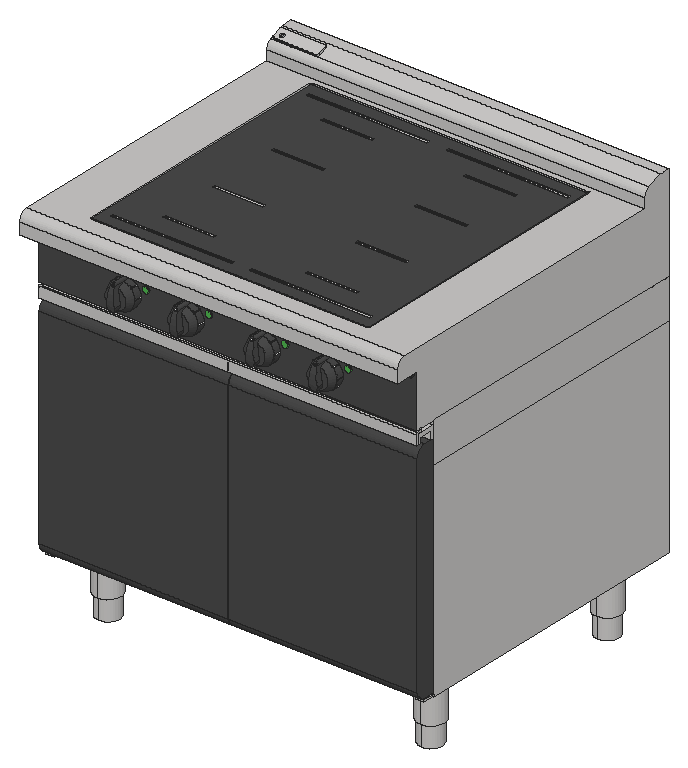
Revit family "QF_Moffat_INLB8400F-CD_Induction_Cooktop_cat", category Specialty Equipment, Revit 2019 (continued)
Definition of nested family "QF_LOGO_Waldorf1"
  Forms (mm)
    Extrusion 1, solid
      sketch origin (0, 0, 0) x (1, 0, 0) y (0, 0.920505, 0.390731)
        loop
          spline (105, 0) -> (105.522, 0.03) -> (106.035, 0.118) -> (106.531, 0.264) -> (107, 0.464) -> (107.435, 0.716) -> (107.828, 1.015) -> (108.173, 1.355) -> (108.464, 1.732) -> (108.696, 2.138) -> (108.864, 2.568) -> (108.966, 3.012) -> (109, 3.464)
        loop
          line (14.75, 7.005) -> (14.75, 15.654)
          arc (14.75, 15.654) -> (10.425, 11.329) -> (14.75, 7.005) r 4.325
        loop
          line (15.25, 15.654) -> (15.25, 7.005)
          arc (15.25, 7.005) -> (19.575, 11.329) -> (15.25, 15.654) r 4.325
      from 0 to 3.2
    Extrusion 2, solid
      sketch origin (0, 0, 0) x (1, 0, 0) y (0, 0.920505, 0.390731)
        loop
          line (15.25, 15.654) -> (15.25, 7.005)
          arc (15.25, 7.005) -> (19.575, 11.329) -> (15.25, 15.654) r 4.325
      from 0 to 3.2
    Extrusion 3, solid
      sketch origin (16.271, 0, 0) x (-1, 0, 0) y (0, -0.920505, -0.390731)
        loop
          arc (1.521, -15.654) -> (5.846, -11.329) -> (1.521, -7.005) r 4.325
          line (1.521, -7.005) -> (1.521, -15.654)
      from 0 to 3.2
  Lines and regions (mm)
    Split face 1
      outline origin (0, -1.25, 2.946) x (1, 0, 0) y (0, 0.920505, 0.390731)
        loop
          spline (22.129, 16.975) -> (22.389, 15.984) -> (22.649, 15.002) -> (22.91, 14.028) -> (23.172, 13.065) -> (23.433, 12.11) -> (23.695, 11.166) -> (23.956, 10.232) -> (24.218, 9.308) -> (24.479, 8.396) -> (24.74, 7.495) -> (25, 6.605) -> (25.26, 5.728)
          line (25.26, 5.728) -> (29.463, 5.728)
          spline (29.463, 5.728) -> (29.582, 6.252) -> (29.701, 6.78) -> (29.82, 7.313) -> (29.939, 7.85) -> (30.058, 8.391) -> (30.178, 8.936) -> (30.297, 9.485) -> (30.416, 10.038) -> (30.536, 10.594) -> (30.655, 11.155) -> (30.775, 11.719) -> (30.894, 12.287)
          spline (30.894, 12.287) -> (31.018, 11.719) -> (31.142, 11.155) -> (31.266, 10.594) -> (31.39, 10.038) -> (31.514, 9.485) -> (31.638, 8.936) -> (31.762, 8.391) -> (31.885, 7.85) -> (32.009, 7.313) -> (32.133, 6.78) -> (32.256, 6.252) -> (32.379, 5.728)
          line (32.379, 5.728) -> (36.51, 5.728)
          spline (36.51, 5.728) -> (36.766, 6.605) -> (37.023, 7.495) -> (37.28, 8.396) -> (37.538, 9.308) -> (37.795, 10.232) -> (38.053, 11.166) -> (38.311, 12.11) -> (38.569, 13.065) -> (38.826, 14.028) -> (39.083, 15.002) -> (39.34, 15.984) -> (39.597, 16.975)
          line (39.597, 16.975) -> (35.637, 16.975)
          spline (35.637, 16.975) -> (35.523, 16.334) -> (35.41, 15.697) -> (35.296, 15.063) -> (35.182, 14.433) -> (35.068, 13.807) -> (34.954, 13.185) -> (34.84, 12.566) -> (34.726, 11.952) -> (34.612, 11.342) -> (34.497, 10.737) -> (34.383, 10.135) -> (34.269, 9.538)
          spline (34.269, 9.538) -> (34.138, 10.135) -> (34.008, 10.737) -> (33.877, 11.342) -> (33.746, 11.952) -> (33.616, 12.566) -> (33.485, 13.185) -> (33.354, 13.807) -> (33.224, 14.433) -> (33.093, 15.063) -> (32.963, 15.697) -> (32.833, 16.334) -> (32.703, 16.975)
          line (32.703, 16.975) -> (29.247, 16.975)
          spline (29.247, 16.975) -> (29.111, 16.334) -> (28.974, 15.697) -> (28.837, 15.063) -> (28.7, 14.433) -> (28.562, 13.807) -> (28.425, 13.185) -> (28.288, 12.566) -> (28.15, 11.952) -> (28.013, 11.342) -> (27.875, 10.737) -> (27.738, 10.135) -> (27.6, 9.538)
          spline (27.6, 9.538) -> (27.483, 10.135) -> (27.366, 10.737) -> (27.249, 11.342) -> (27.132, 11.952) -> (27.015, 12.566) -> (26.897, 13.185) -> (26.78, 13.807) -> (26.663, 14.433) -> (26.546, 15.063) -> (26.43, 15.697) -> (26.313, 16.334) -> (26.196, 16.975)
          line (26.196, 16.975) -> (22.129, 16.975)
    Split face 2
      outline origin (0, -1.25, 2.946) x (1, 0, 0) y (0, 0.920505, 0.390731)
        loop
          line (51.449, 5.728) -> (51.035, 6.606) -> (51.035, 11.169)
          spline (51.035, 11.169) -> (50.686, 12.42) -> (50.176, 13.224) -> (49.51, 13.708) -> (48.693, 13.995) -> (47.747, 14.152) -> (46.698, 14.207) -> (45.579, 14.186) -> (44.419, 14.114) -> (43.279, 13.929) -> (42.249, 13.481) -> (41.424, 12.614) -> (40.897, 11.169)
          line (40.897, 11.169) -> (44.617, 11.169) -> (44.988, 11.965)
          spline (44.988, 11.965) -> (47.294, 11.682) -> (46.856, 10.932) -> (45.527, 10.609) -> (43.858, 10.439) -> (42.259, 10.123) -> (41.078, 9.417) -> (40.563, 8.246) -> (40.689, 6.989) -> (41.407, 6.052) -> (42.774, 5.536) -> (44.847, 5.497) -> (47.306, 6.602)
          line (47.306, 6.602) -> (47.624, 5.728) -> (51.449, 5.728)
    Split face 3
      outline origin (0, -1.25, 2.946) x (1, 0, 0) y (0, 0.920505, 0.390731)
        loop
          line (47.264, 9.264) -> (44.938, 8.597)
          spline (44.938, 8.597) -> (44.508, 8.228) -> (44.402, 7.9) -> (44.548, 7.626) -> (44.877, 7.42) -> (45.317, 7.295) -> (45.797, 7.265) -> (46.252, 7.342) -> (46.65, 7.525) -> (46.971, 7.813) -> (47.194, 8.201) -> (47.298, 8.685) -> (47.264, 9.264)
    Split face 4
      outline origin (0, -1.25, 2.946) x (1, 0, 0) y (0, 0.920505, 0.390731)
        loop
          line (53.33, 16.975) -> (53.33, 5.728) -> (57.173, 5.728) -> (57.173, 16.975) -> (53.33, 16.975)
    Split face 5
      outline origin (0, -1.25, 2.946) x (1, 0, 0) y (0, 0.920505, 0.390731)
        loop
          line (65.795, 16.975) -> (65.795, 12.976)
          spline (65.795, 12.976) -> (63.839, 14.082) -> (62.087, 14.096) -> (60.633, 13.343) -> (59.574, 12.148) -> (58.99, 10.806) -> (58.867, 9.452) -> (59.156, 8.159) -> (59.81, 7) -> (60.786, 6.056) -> (62.111, 5.514) -> (63.868, 5.634) -> (66.137, 6.679)
          line (66.137, 6.679) -> (66.137, 5.728) -> (69.511, 5.728) -> (69.511, 16.975) -> (65.795, 16.975)
    Split face 6
      outline origin (0, -1.25, 2.946) x (1, 0, 0) y (0, 0.920505, 0.390731)
        loop
          spline (64.273, 7.499) -> (64.754, 7.57) -> (65.202, 7.777) -> (65.587, 8.106) -> (65.882, 8.535) -> (66.067, 9.034) -> (66.131, 9.57) -> (66.067, 10.106) -> (65.882, 10.605) -> (65.587, 11.034) -> (65.202, 11.363) -> (64.754, 11.57) -> (64.273, 11.64)
          spline (64.273, 11.64) -> (63.793, 11.57) -> (63.345, 11.363) -> (62.96, 11.034) -> (62.665, 10.605) -> (62.479, 10.106) -> (62.416, 9.57) -> (62.479, 9.034) -> (62.665, 8.535) -> (62.96, 8.106) -> (63.345, 7.777) -> (63.793, 7.57) -> (64.273, 7.499)
    Split face 7
      outline origin (0, -1.25, 2.946) x (1, 0, 0) y (0, 0.920505, 0.390731)
        loop
          spline (76.449, 5.305) -> (77.855, 5.457) -> (79.166, 5.901) -> (80.291, 6.607) -> (81.155, 7.527) -> (81.698, 8.599) -> (81.883, 9.749) -> (81.698, 10.899) -> (81.155, 11.97) -> (80.291, 12.891) -> (79.166, 13.597) -> (77.855, 14.041) -> (76.449, 14.192)
          spline (76.449, 14.192) -> (75.042, 14.041) -> (73.731, 13.597) -> (72.606, 12.891) -> (71.742, 11.97) -> (71.199, 10.899) -> (71.014, 9.749) -> (71.199, 8.599) -> (71.742, 7.527) -> (72.606, 6.607) -> (73.731, 5.901) -> (75.042, 5.457) -> (76.449, 5.305)
    Split face 8
      outline origin (0, -1.25, 2.946) x (1, 0, 0) y (0, 0.920505, 0.390731)
        loop
          spline (76.449, 7.654) -> (76.841, 7.725) -> (77.206, 7.934) -> (77.52, 8.267) -> (77.76, 8.701) -> (77.912, 9.206) -> (77.963, 9.749) -> (77.912, 10.291) -> (77.76, 10.796) -> (77.52, 11.23) -> (77.206, 11.563) -> (76.841, 11.772) -> (76.449, 11.843)
          spline (76.449, 11.843) -> (76.057, 11.772) -> (75.691, 11.563) -> (75.378, 11.23) -> (75.137, 10.796) -> (74.986, 10.291) -> (74.934, 9.749) -> (74.986, 9.206) -> (75.137, 8.701) -> (75.378, 8.267) -> (75.691, 7.934) -> (76.057, 7.725) -> (76.449, 7.654)
    Split face 9
      outline origin (0, -1.25, 2.946) x (1, 0, 0) y (0, 0.920505, 0.390731)
        loop
          line (86.998, 12.335) -> (86.998, 13.879) -> (83.479, 13.879) -> (83.479, 5.728) -> (87.312, 5.728) -> (87.312, 8.975)
          spline (87.312, 8.975) -> (87.364, 9.356) -> (87.458, 9.686) -> (87.594, 9.968) -> (87.769, 10.204) -> (87.982, 10.398) -> (88.229, 10.55) -> (88.509, 10.666) -> (88.82, 10.746) -> (89.16, 10.794) -> (89.525, 10.812) -> (89.915, 10.803) -> (90.327, 10.77)
          line (90.327, 10.77) -> (90.327, 14.113)
          spline (90.327, 14.113) -> (89.929, 14.127) -> (89.552, 14.111) -> (89.197, 14.066) -> (88.865, 13.991) -> (88.554, 13.887) -> (88.266, 13.754) -> (87.999, 13.591) -> (87.755, 13.399) -> (87.532, 13.177) -> (87.332, 12.926) -> (87.154, 12.645) -> (86.998, 12.335)
    Split face 10
      outline origin (0, -1.25, 2.946) x (1, 0, 0) y (0, 0.920505, 0.390731)
        loop
          line (92.082, 13.879) -> (90.894, 13.879) -> (90.894, 11.972) -> (92.082, 11.972) -> (92.082, 5.728) -> (95.871, 5.728) -> (95.871, 11.972) -> (97.5, 11.972) -> (97.5, 13.879) -> (95.871, 13.879)
          spline (95.871, 13.879) -> (95.843, 14.088) -> (95.845, 14.278) -> (95.877, 14.447) -> (95.939, 14.596) -> (96.03, 14.726) -> (96.151, 14.835) -> (96.301, 14.925) -> (96.482, 14.995) -> (96.692, 15.045) -> (96.931, 15.075) -> (97.201, 15.085) -> (97.5, 15.076)
          line (97.5, 15.076) -> (97.5, 17.266) -> (95.367, 17.266)
          spline (95.367, 17.266) -> (94.982, 17.253) -> (94.58, 17.21) -> (94.174, 17.132) -> (93.774, 17.013) -> (93.39, 16.846) -> (93.034, 16.627) -> (92.717, 16.349) -> (92.448, 16.007) -> (92.24, 15.595) -> (92.102, 15.106) -> (92.046, 14.537) -> (92.082, 13.879)
  Dimensions and locks
    equal spacing: plane 3 "LEFT", plane 7 "Center Y", plane 4 "RIGHT"
    "Length": plane 3 "LEFT" to plane 4 "RIGHT"
    equal spacing: plane 5 "FRONT", plane 8 "Center X", plane 1 "BACK"
    "Depth": plane 5 "FRONT" to plane 1 "BACK"
    "Height": plane 6 "TOP" to level
    plane 4 "RIGHT" to plane 3 "LEFT" = 138 mm
    aligned and locked: level to plane 2
  Automatic sketch dimensions
    Extrusion 1 sketch curve to plane 3 "LEFT" = 0 mm
    plane 3 "LEFT" to Extrusion 1 sketch curve = 4 mm  (x2)
    Extrusion 1 sketch curve to Extrusion 1 sketch curve = 10.75 mm
    Extrusion 1 sketch curve to Extrusion 1 sketch curve = 0.5 mm
    plane 4 "RIGHT" to Extrusion 1 sketch curve = 33 mm
    Extrusion 1 sketch curve to Extrusion 1 sketch curve = 0 mm  (x3)
    Extrusion 1 sketch curve to Extrusion 1 sketch curve = 4 mm
    Extrusion 1 sketch curve to Extrusion 1 sketch curve = 3.464 mm  (x3)
    Extrusion 1 sketch curve to Extrusion 1 sketch curve = 3.541 mm
    Extrusion 1 sketch curve to Extrusion 1 sketch curve = 4.325 mm
    Extrusion 1 sketch curve to Extrusion 1 sketch curve = 19.783 mm
    Extrusion 1 sketch curve to Extrusion 1 sketch curve = 7.592 mm
    plane 3 "LEFT" to Extrusion 2 sketch curve = 15.25 mm
    Extrusion 2 sketch curve to Extrusion 2 sketch curve = 4.325 mm
    plane 3 "LEFT" to Extrusion 3 sketch curve = 14.75 mm
    Extrusion 3 sketch curve to Extrusion 3 sketch curve = 4.325 mm
    Extrusion 1 to Split face 1 sketch curve = 6.879 mm
    Split face 1 sketch curve to Extrusion 1 = 5.728 mm
    Split face 1 sketch curve to Split face 1 sketch curve = 3.132 mm
    Split face 1 sketch curve to Split face 1 sketch curve = 4.068 mm
    Split face 1 sketch curve to Split face 1 sketch curve = 3.051 mm
    Split face 1 sketch curve to Split face 1 sketch curve = 4.203 mm
    Split face 1 sketch curve to Split face 1 sketch curve = 2.916 mm
    Split face 1 sketch curve to Split face 1 sketch curve = 3.456 mm
    Split face 1 sketch curve to Split face 1 sketch curve = 2.934 mm
    Split face 1 sketch curve to Split face 1 sketch curve = 4.131 mm
    Split face 1 sketch curve to Split face 1 sketch curve = 3.96 mm
    Split face 1 sketch curve to Split face 1 sketch curve = 0 mm  (x2)
    Split face 1 sketch curve to Extrusion 1 = 9.736 mm  (x2)
    Extrusion 1 to Split face 1 sketch curve = 6.337 mm
    Extrusion 1 to Split face 1 sketch curve = 6.231 mm
    Extrusion 1 to Split face 1 sketch curve = 3.184 mm
    Extrusion 1 to Split face 1 sketch curve = 13.135 mm
    Split face 1 sketch curve to Split face 1 sketch curve = 4.652 mm
    Split face 1 sketch curve to Split face 1 sketch curve = 3.593 mm
    Split face 1 sketch curve to Split face 1 sketch curve = 1.863 mm
    Split face 1 sketch curve to Split face 1 sketch curve = 0.713 mm
    Split face 1 sketch curve to Split face 1 sketch curve = 2.684 mm
    Split face 1 sketch curve to Split face 1 sketch curve = 3.294 mm
    Split face 1 sketch curve to Split face 1 sketch curve = 0.459 mm
    Split face 1 sketch curve to Split face 1 sketch curve = 2.775 mm
    Split face 1 sketch curve to Split face 1 sketch curve = 1.89 mm
    Split face 1 sketch curve to Split face 1 sketch curve = 0.685 mm
    Split face 1 sketch curve to Split face 1 sketch curve = 9.486 mm
    Split face 1 sketch curve to Split face 1 sketch curve = 16.213 mm
    Split face 1 sketch curve to Split face 1 sketch curve = 3.48 mm
    Split face 1 sketch curve to Split face 1 sketch curve = 4.918 mm
    Split face 1 sketch curve to Split face 1 sketch curve = 7.609 mm
    Split face 1 sketch curve to Split face 1 sketch curve = 0.01 mm  (x2)
    Split face 1 sketch curve to Split face 1 sketch curve = 0.002 mm
    Split face 2 sketch curve to Extrusion 1 = 11.169 mm
    Extrusion 1 to Split face 2 sketch curve = 25.647 mm
    Split face 2 sketch curve to Split face 2 sketch curve = 3.72 mm
    Split face 2 sketch curve to Extrusion 1 = 11.965 mm
    Split face 2 sketch curve to Split face 2 sketch curve = 0.371 mm
    Split face 2 sketch curve to Extrusion 1 = 6.602 mm
    Split face 2 sketch curve to Split face 2 sketch curve = 2.689 mm
    Split face 2 sketch curve to Split face 2 sketch curve = 0.318 mm
    Split face 2 sketch curve to Split face 2 sketch curve = 3.729 mm
    Split face 2 sketch curve to Split face 2 sketch curve = 0.414 mm
    Split face 2 sketch curve to Split face 2 sketch curve = 0.875 mm
    Split face 2 sketch curve to Split face 2 sketch curve = 0.878 mm
    Split face 3 sketch curve to Extrusion 1 = 8.597 mm
    Extrusion 1 to Split face 3 sketch curve = 29.688 mm
    Split face 3 sketch curve to Extrusion 1 = 9.264 mm
    Split face 3 sketch curve to Split face 3 sketch curve = 2.326 mm
    Split face 4 sketch curve to Extrusion 1 = 5.728 mm
    Extrusion 1 to Split face 4 sketch curve = 38.08 mm
    Split face 4 sketch curve to Split face 4 sketch curve = 3.843 mm
    Split face 4 sketch curve to Extrusion 1 = 9.736 mm
    Split face 5 sketch curve to Extrusion 1 = 9.736 mm
    Split face 5 sketch curve to Extrusion 1 = 43.205 mm
    Split face 5 sketch curve to Extrusion 1 = 6.679 mm
    Split face 5 sketch curve to Split face 5 sketch curve = 0.342 mm
    Split face 5 sketch curve to Split face 5 sketch curve = 3.375 mm
    Split face 5 sketch curve to Split face 5 sketch curve = 0.952 mm
    Split face 5 sketch curve to Split face 5 sketch curve = 3.998 mm
    Split face 6 sketch curve to Extrusion 1 = 7.499 mm
    Split face 6 sketch curve to Extrusion 1 = 44.727 mm
    Split face 6 sketch curve to Split face 6 sketch curve = 2.07 mm
    Split face 7 sketch curve to Extrusion 1 = 5.305 mm
    Split face 7 sketch curve to Extrusion 1 = 32.551 mm
    Split face 7 sketch curve to Split face 7 sketch curve = 4.443 mm
    Split face 8 sketch curve to Extrusion 1 = 7.654 mm
    Split face 8 sketch curve to Extrusion 1 = 32.551 mm
    Split face 8 sketch curve to Split face 8 sketch curve = 2.095 mm
    Split face 9 sketch curve to Extrusion 1 = 5.728 mm
    Split face 9 sketch curve to Extrusion 1 = 25.521 mm
    Split face 9 sketch curve to Split face 9 sketch curve = 3.519 mm
    Split face 9 sketch curve to Split face 9 sketch curve = 0.315 mm
    Split face 9 sketch curve to Split face 9 sketch curve = 3.33 mm
    Split face 9 sketch curve to Split face 9 sketch curve = 3.248 mm
    Split face 9 sketch curve to Split face 9 sketch curve = 1.795 mm
    Split face 9 sketch curve to Split face 9 sketch curve = 3.36 mm
    Split face 9 sketch curve to Split face 9 sketch curve = 1.545 mm
    Split face 9 sketch curve to Split face 9 sketch curve = 0.233 mm
    Split face 10 sketch curve to Extrusion 1 = 18.106 mm
    Split face 10 sketch curve to Split face 10 sketch curve = 1.188 mm  (x2)
    Split face 10 sketch curve to Split face 10 sketch curve = 3.285 mm
    Split face 10 sketch curve to Split face 10 sketch curve = 3.789 mm
    Split face 10 sketch curve to Split face 10 sketch curve = 0 mm  (x2)
    Split face 10 sketch curve to Split face 10 sketch curve = 1.629 mm
    Split face 10 sketch curve to Split face 10 sketch curve = 2.133 mm
    Split face 10 sketch curve to Extrusion 1 = 5.728 mm
    Split face 10 sketch curve to Split face 10 sketch curve = 6.245 mm
    Split face 10 sketch curve to Split face 10 sketch curve = 1.907 mm  (x2)
    Split face 10 sketch curve to Split face 10 sketch curve = 1.197 mm
    Split face 10 sketch curve to Split face 10 sketch curve = 2.19 mm
Types (2, lengths in mm): name | Volts | Cycle
  INLB8400F-CD_415/60/3 | 415 V | 60 Hz
  INLB8400F-CD_400/50/3 | 400 V | 50 Hz
